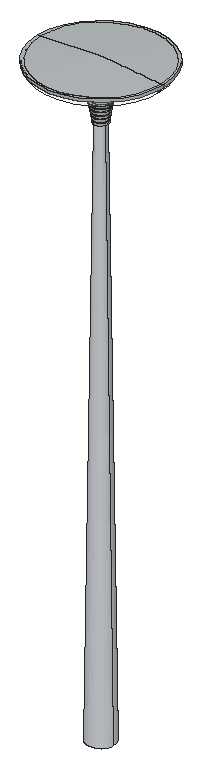
Revit family "Focus Lighting Becco", category Lighting Fixtures, Revit 2013
Parameters
  Wattage = 150 W
  built-in parameter 1150110 = 1 (stored number, unit not read)
  built-in parameter 1114217 = 2.44 (stored number, unit not read)
  Top Mat = Zinc
  built-in parameter 1150109 = 1 (stored number, unit not read)
  built-in parameter 1150134 = (empty or 0)
  built-in parameter 1150113 = 1 (stored number, unit not read)
  Lumens = 22281.3 lm
  built-in parameter 1150115 = 1 (stored number, unit not read)
  built-in parameter 1150105 = 1773.1 (stored number, unit not read)
  Light Source Symbol Size = 1500 mm
  built-in parameter 1150137 = (empty or 0)
  built-in parameter 1150139 = (empty or 0)
  built-in parameter 1150112 = 1 (stored number, unit not read)
  built-in parameter 1150114 = 1 (stored number, unit not read)
  built-in parameter 1150132 = (empty or 0)
  built-in parameter 1150102 = (empty or 0)
  built-in parameter 1150138 = (empty or 0)
  built-in parameter 1150107 = 3000 (stored number, unit not read)
  built-in parameter 1150106 = 17.731 (stored number, unit not read)
  Heigth = 3500 mm
  Glass Mat. = Glass
  Emit from Circle Diameter = 609.6 mm
  Emit Shape Visible in Rendering = no
  built-in parameter 1150104 = 13.8 (stored number, unit not read)
  Dimming Lamp Color Temperature Shift = <None>
  Color Filter = 16777215
  Bottom Mat = Zinc
  built-in parameter 1114218 = 1 (stored number, unit not read)
  built-in parameter 1150133 = 10 (stored number, unit not read)
Reference planes
  plane 1 "Light Source Axis (F/B)": y = 0
  plane 2: z = 0
  plane 3 "Light Source Axis (L/R)": x = 0
  plane 4 "Light Source Elevation": z = 3305
  plane 5: z = 3165
  plane 6: z = 3500
  plane 7: z = 3275
  plane 8: x = 360
  plane 9: x = -360
  plane 10: z = 3480
  plane 11: z = 3465
  plane 12: z = 3430
  plane 13: z = 3370
  plane 14: x = 40
  plane 15: x = -40
  plane 16: x = 340
  plane 17: x = -340
Forms (mm)
  Revolve 1, solid, material "Zinc" <- "Top Mat"
    sketch origin (0, 0, 0) x (1, 0, 0) y (0, 0, 1)
      loop
        line (360, 3480) -> (345, 3480)
        arc (345, 3480) -> (172.927, 3497.36) -> (0, 3500) r 2028.632
        line (0, 3500) -> (0, 3465) -> (360, 3465) -> (360, 3480)
      axis (0, 3500) -> (0, 3465)
    angle from 0 to 360
  Revolve 2, solid, material "Glass" <- "Glass Mat."
    sketch origin (0, 0, 0) x (1, 0, 0) y (0, 0, 1)
      loop
        line (350, 3465) -> (0, 3465) -> (0, 3370) -> (148.063, 3370)
        arc (148.063, 3370) -> (238.705, 3417.039) -> (340, 3430) r 292.076
        line (340, 3430) -> (350, 3465)
      axis (0, 3465) -> (0, 3370)
    angle from 0 to 360
  Revolve 3, solid, material "Glass" <- "Glass Mat."
    sketch origin (0, 0, 0) x (1, 0, 0) y (0, 0, 1)
      loop
        line (0, 3370) -> (0, 3328.091) -> (100.12, 3328.091)
        arc (100.12, 3328.091) -> (121.121, 3350.2) -> (144.313, 3370) r 292.076
        line (144.313, 3370) -> (0, 3370)
      axis (0, 3370) -> (0, 3328.091)
    angle from 0 to 360
  Revolve 4, solid, material "Glass" <- "Glass Mat."
    sketch origin (0, 0, 0) x (1, 0, 0) y (0, 0, 1)
      loop
        line (0, 3328.091) -> (0, 3275) -> (60.881, 3275)
        arc (60.881, 3275) -> (77.475, 3302.541) -> (96.995, 3328.091) r 292.076
        line (96.995, 3328.091) -> (0, 3328.091)
      axis (0, 3328.091) -> (0, 3275)
    angle from 0 to 360
  Revolve 5, solid, material "Zinc" <- "Bottom Mat"
    sketch origin (0, 0, 0) x (1, 0, 0) y (0, 0, 1)
      loop
        line (0, 3275) -> (0, 3165) -> (40, 3165)
        arc (40, 3165) -> (40.355, 3170.002) -> (40.765, 3175) r 459.432
        line (40.765, 3175) -> (29.155, 3175) -> (30.338, 3185) -> (41.75, 3185)
        arc (41.75, 3185) -> (42.326, 3190.003) -> (42.957, 3195) r 459.432
        line (42.957, 3195) -> (31.52, 3195) -> (32.703, 3205) -> (44.387, 3205)
        arc (44.387, 3205) -> (45.188, 3210.005) -> (46.043, 3215) r 459.432
        line (46.043, 3215) -> (33.886, 3215) -> (35.069, 3225) -> (47.927, 3225)
        arc (47.927, 3225) -> (48.957, 3230.006) -> (50.042, 3235) r 459.432
        line (50.042, 3235) -> (36.251, 3235) -> (37.434, 3245) -> (52.39, 3245)
        arc (52.39, 3245) -> (53.656, 3250.007) -> (54.977, 3255) r 459.432
        line (54.977, 3255) -> (38.617, 3255) -> (39.8, 3265) -> (57.806, 3265)
        arc (57.806, 3265) -> (59.315, 3270.009) -> (60.881, 3275) r 459.432
        line (60.881, 3275) -> (0, 3275)
      axis (0, 3275) -> (0, 3165)
    angle from 0 to 360
  Blend 6, solid
    base sketch origin (0, 0, 700) x (1, 0, 0) y (0, 1, 0)
      loop
        circle (0, 0) r 75
    top sketch origin (0, 0, 700) x (1, 0, 0) y (0, 1, 0)
      loop
        circle (0, 0) r 30
    from -700 to 2465
  Revolve 7, solid
    sketch origin (0, 0, 0) x (1, 0, 0) y (0, 0, 1)
      loop
        line (0, 3275) -> (40.367, 3275) -> (41.241, 3285) -> (0, 3285) -> (0, 3275)
      axis (0, 3285) -> (0, 3275)
    angle from 0 to 360
Cuts and joins
  joined: Revolve 2, Revolve 3, Revolve 4
Lines and regions (mm)
  reference lines
    curve 1: arc (340, 0, 3430) -> (134.286, 0, 3358.747) -> (35, 0, 3165) r 292.076
Dimensions and locks
  equal spacing: plane 7, Revolve 5 sketch curve, Revolve 5 sketch curve, Revolve 5 sketch curve, Revolve 5 sketch curve, Revolve 5 sketch curve, Revolve 5 sketch curve, Revolve 5 sketch curve, Revolve 5 sketch curve, Revolve 5 sketch curve, Revolve 5 sketch curve, Revolve 5 sketch curve
  plane 6 to plane 10 to plane 11 to plane 12 to plane 13 to plane 4 "Light Source Elevation" to plane 7 to plane 5 = 20 mm locked, 15 mm locked, 35 mm locked, 60 mm locked, 65 mm locked, 30 mm locked, 110 mm locked
  "Heigth": plane 6 to plane 2
  aligned and locked: plane 3 "Light Source Axis (L/R)" to imposter light
  aligned and locked: imposter light to plane 1 "Light Source Axis (F/B)"
  aligned and locked: plane 4 "Light Source Elevation" to imposter light
  aligned and locked: level to plane 2
  aligned and locked: Blend 6 to level
  aligned and locked: Blend 6 to plane 5
Automatic sketch dimensions
  curve 1 to plane 5 = 0 mm
  curve 1 to plane 12 = 0 mm
  curve 1 to plane 16 = 0 mm
  curve 1 to plane 16 = 14.15 mm
  curve 1 to plane 14 = 5 mm
  Revolve 1 sketch curve to plane 3 "Light Source Axis (L/R)" = 0 mm  (x2)
  Revolve 1 sketch curve to plane 10 = 0 mm
  Revolve 1 sketch curve to plane 8 = 0 mm
  Revolve 1 sketch curve to plane 11 = 0 mm
  Revolve 1 sketch curve to plane 6 = 0 mm
  plane 16 to Revolve 1 sketch curve = 5 mm
  plane 14 to Revolve 1 sketch curve = 15.522 mm
  Revolve 1 sketch curve to plane 12 = 20 mm
  Revolve 1 sketch curve to Revolve 1 sketch curve = 25 mm
  Revolve 2 sketch curve to plane 3 "Light Source Axis (L/R)" = 0 mm  (x2)
  Revolve 2 sketch curve to plane 13 = 0 mm
  Revolve 2 sketch curve to plane 12 = 0 mm
  Revolve 2 sketch curve to plane 16 = 0 mm
  Revolve 2 sketch curve to plane 11 = 0 mm
  plane 14 to Revolve 2 sketch curve = 108.063 mm
  Revolve 2 sketch curve to plane 8 = 10 mm
  Revolve 2 sketch curve to plane 16 = 14.15 mm
  Revolve 2 sketch curve to plane 13 = 25 mm
  plane 6 to Revolve 2 sketch curve = 20 mm
  Revolve 3 sketch curve to plane 3 "Light Source Axis (L/R)" = 0 mm  (x2)
  Revolve 3 sketch curve to plane 13 = 0 mm
  Revolve 3 sketch curve to plane 4 "Light Source Elevation" = 23.091 mm
  plane 14 to Revolve 3 sketch curve = 60.12 mm
  Revolve 3 sketch curve to Revolve 3 sketch curve = 44.194 mm
  Revolve 3 sketch curve to plane 16 = 17.9 mm
  Revolve 3 sketch curve to plane 4 "Light Source Elevation" = 10 mm
  plane 13 to Revolve 3 sketch curve = 25 mm
  Revolve 4 sketch curve to plane 3 "Light Source Axis (L/R)" = 0 mm  (x2)
  Revolve 4 sketch curve to plane 7 = 0 mm
  Revolve 4 sketch curve to plane 4 "Light Source Elevation" = 23.091 mm
  plane 14 to Revolve 4 sketch curve = 20.881 mm
  Revolve 4 sketch curve to Revolve 4 sketch curve = 36.113 mm
  Revolve 4 sketch curve to plane 16 = 21.025 mm
  Revolve 4 sketch curve to Revolve 4 sketch curve = 35 mm
  Revolve 4 sketch curve to plane 13 = 20 mm
  Revolve 5 sketch curve to Revolve 5 sketch curve = 0 mm  (x30)
  Revolve 5 sketch curve to plane 3 "Light Source Axis (L/R)" = 0 mm  (x2)
  Revolve 5 sketch curve to plane 5 = 0 mm
  Revolve 5 sketch curve to plane 14 = 0 mm
  Revolve 5 sketch curve to plane 7 = 0 mm
  Revolve 5 sketch curve to plane 14 = 10.845 mm
  Revolve 5 sketch curve to plane 14 = 9.662 mm
  Revolve 5 sketch curve to plane 14 = 8.48 mm
  Revolve 5 sketch curve to plane 14 = 7.297 mm
  Revolve 5 sketch curve to plane 14 = 6.114 mm
  Revolve 5 sketch curve to plane 14 = 4.931 mm
  Revolve 5 sketch curve to plane 14 = 3.749 mm
  Revolve 5 sketch curve to plane 14 = 2.566 mm
  Revolve 5 sketch curve to plane 14 = 1.383 mm
  Revolve 5 sketch curve to plane 14 = 0.2 mm
  Revolve 5 sketch curve to Revolve 5 sketch curve = 0.765 mm
  plane 14 to Revolve 5 sketch curve = 1.75 mm
  Revolve 5 sketch curve to Revolve 5 sketch curve = 1.207 mm
  plane 14 to Revolve 5 sketch curve = 4.387 mm
  plane 14 to Revolve 5 sketch curve = 7.927 mm
  Revolve 5 sketch curve to Revolve 5 sketch curve = 2.349 mm
  Revolve 5 sketch curve to Revolve 5 sketch curve = 2.829 mm
  Revolve 5 sketch curve to Revolve 5 sketch curve = 30 mm
  plane 4 "Light Source Elevation" to Revolve 5 sketch curve = 10 mm
  Blend 6 sketch curve to Blend 6 sketch curve = 0 mm  (x2)
  plane 1 "Light Source Axis (F/B)" to Blend 6 sketch curve = 0 mm  (x2)
  Blend 6 sketch curve to plane 3 "Light Source Axis (L/R)" = 0 mm  (x2)
  plane 15 to Blend 6 sketch curve = 35 mm
  Revolve 7 sketch curve to plane 3 "Light Source Axis (L/R)" = 0 mm  (x2)
  Revolve 7 sketch curve to plane 7 = 0 mm
  plane 14 to Revolve 7 sketch curve = 1.241 mm
  plane 7 to Revolve 7 sketch curve = 10 mm
  Revolve 7 sketch curve to plane 4 "Light Source Elevation" = 0 mm
  plane 14 to Revolve 7 sketch curve = 0.367 mm
  Revolve 7 sketch curve to Revolve 7 sketch curve = 10 mm
  radius of Blend 6 sketch curve = 30 mm
